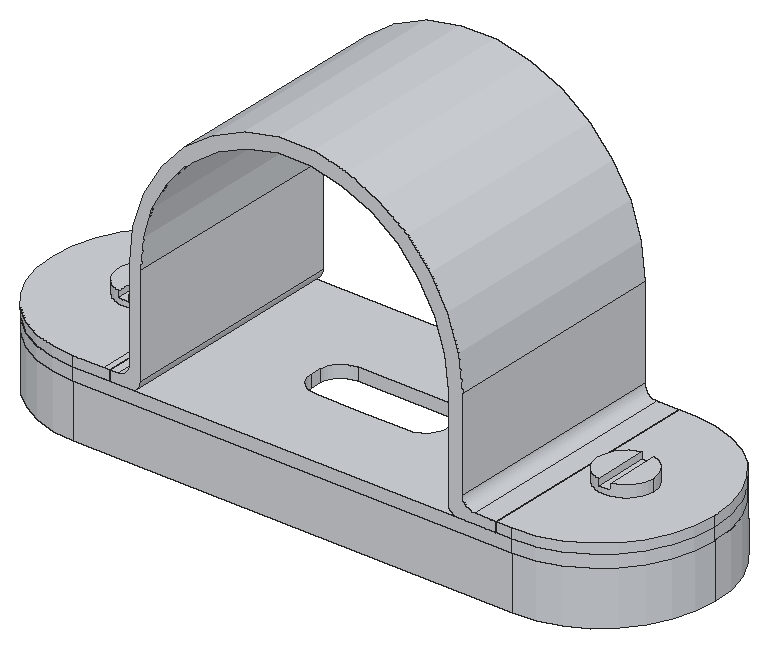
Revit family "SBS25WH", category Generic Models, Revit 2017
Family settings
  Can host rebar = No
  Round Connector Dimension = Use Diameter
  Part Type = Normal
  Work Plane-Based = Yes
  Always vertical = No
  Cut with Voids When Loaded = No
  Shared = No
  Room Calculation Point = No
Parameters (values of type "NBS Standard Parameters")
  Weight = "0.025Kg"
  WarrantyStartDate [instance] = "1900-12-31T23:59:59"
  WarrantyGuarantorParts = "n/a"
  WarrantyGuarantorLabor = "n/a"
  WarrantyDurationUnit = "year"
  WarrantyDurationParts = "n/a"
  WarrantyDurationLabor = "n/a"
  WarrantyDescription = "n/a"
  Version = "1"
  Uniclass2 = "Pr_65_70_11_20"
  TagNumber [instance] = "n/a"
  SustainabilityPerformance = "n/a"
  Size = "25mm"
  Shape = "n/a"
  SerialNumber [instance] = "n/a"
  Revision = "n/a"
  ReplacementCost = "n/a"
  ProductInformation = "www.metpro.co.uk/pdf/sbs25wh.pdf"
  NominalWidth = 22 mm
  NominalLength = 57 mm
  NominalHeight = 28 mm
  Name = ""
  NBSTypeID = ""
  NBSReference = "90-55-10/460"
  NBSOfficeMasterTag = ""
  NBSNote = ""
  NBSDescription = "Conduit Fittings"
  NBSCertification = ""
  ModelReference = "SBS25WH"
  ModelNumber = "n/a"
  Material = "Pressed Steel"
  ManufacturerURL = "www.metpro.co.uk"
  ManufacturerName = "Metpro Ltd"
  Keynote = "RoHs Compliant"
  InstallationDate [instance] = "1900-12-31T23:59:59"
  IfcExportType = ""
  IfcExportAs = ""
  Grade = "n/a"
  Finish = "White"
  Features = "n/a"
  ExpectedLife = "n/a"
  DurationUnit = "year"
  Description = "SBS25WH - 25mm Fire Resistant Spacer Bar Saddles."
  Default Elevation = 1219.2 mm
  Constituents = "n/a"
  Color = "n/a"
  CodePerformance = "n/a"
  Category = "n/a"
  BarCode [instance] = "n/a"
  BIMObjectName = "metpro_metprolibrary_conduitfittings_metalcomponents_steelaccessories"
  Author = "Metpro Ltd"
  AssetType = ""
  AssetIdentifier [instance] = "n/a"
  AccessibilityPerformance = "n/a"
Reference planes
  plane 1 "Center (Front/Back)": y = 0
  plane 2: z = 0
  plane 3 "Center (Left/Right)": x = 0
Forms (mm)
  Extrusion 1, solid
    sketch origin (0, 8.858, 9.642) x (1, 0, 0) y (0, 0, 1)
      loop
        line (12.5, 0) -> (12.5, -8.137)
        arc (12.5, -8.137) -> (12.734, -8.702) -> (13.3, -8.937) r 0.8
        line (13.3, -8.937) -> (16.361, -8.937) -> (16.361, -8.137) -> (14.599, -8.137)
        arc (14.599, -8.137) -> (13.908, -7.851) -> (13.622, -7.16) r 0.977
        line (13.622, -7.16) -> (13.622, 0.169)
        arc (13.622, 0.169) -> (0.122, 13.669) -> (-13.378, 0.169) r 13.5
        line (-13.378, 0.169) -> (-13.378, -7.165)
        arc (-13.378, -7.165) -> (-13.662, -7.852) -> (-14.35, -8.137) r 0.972
        line (-14.35, -8.137) -> (-15.468, -8.137) -> (-15.468, -8.953) -> (-13.355, -8.953)
        arc (-13.355, -8.953) -> (-12.75, -8.703) -> (-12.5, -8.099) r 0.855
        line (-12.5, -8.099) -> (-12.5, 0)
        arc (-12.5, 0) -> (0, 12.5) -> (12.5, 0) r 12.5
    from 0 to 18.5
  Extrusion 2, solid
    sketch origin (-23.542, 8.858, 0.689) x (0, -1, 0) y (-1, 0, 0)
      loop
        arc (18.5, -5.567) -> (15.772, 0.89) -> (9.241, 3.434) r 9.004
        arc (9.241, 3.434) -> (2.723, 0.894) -> (0, -5.55) r 8.987
        line (0, -5.55) -> (0, -41.224)
        arc (0, -41.224) -> (2.721, -47.666) -> (9.237, -50.206) r 8.986
        arc (9.237, -50.206) -> (15.771, -47.659) -> (18.5, -41.198) r 9.012
        line (18.5, -41.198) -> (18.5, -5.567)
      loop
        line (11.669, -23.542) -> (11.669, -19.735)
        arc (11.669, -19.735) -> (11.157, -18.499) -> (9.921, -17.987) r 1.748
        line (9.921, -17.987) -> (8.961, -17.987)
        arc (8.961, -17.987) -> (7.772, -18.48) -> (7.279, -19.67) r 1.683
        line (7.279, -19.67) -> (7.279, -27.345)
        arc (7.279, -27.345) -> (7.781, -28.557) -> (8.994, -29.06) r 1.715
        line (8.994, -29.06) -> (9.979, -29.06)
        arc (9.979, -29.06) -> (11.174, -28.565) -> (11.669, -27.37) r 1.69
        line (11.669, -27.37) -> (11.669, -23.542)
    from 0 to 1
  Extrusion 3, solid
    sketch origin (-23.542, 8.956, -0.311) x (0, -1, 0) y (1, 0, 0)
      loop
        line (18.5, 5.567) -> (18.5, 41.198)
        arc (18.5, 41.198) -> (15.771, 47.659) -> (9.237, 50.206) r 9.012
        arc (9.237, 50.206) -> (2.721, 47.666) -> (0, 41.224) r 8.986
        line (0, 41.224) -> (0, 5.55)
        arc (0, 5.55) -> (2.723, -0.894) -> (9.241, -3.434) r 8.987
        arc (9.241, -3.434) -> (15.772, -0.89) -> (18.5, 5.567) r 9.004
      loop
        line (17.5, 5.567) -> (17.5, 41.198)
        arc (17.5, 41.198) -> (15.064, 46.951) -> (9.237, 49.206) r 8.012
        arc (9.237, 49.206) -> (3.429, 46.959) -> (1, 41.224) r 7.986
        line (1, 41.224) -> (1, 5.55)
        arc (1, 5.55) -> (3.43, -0.187) -> (9.241, -2.433) r 7.987
        arc (9.241, -2.433) -> (15.065, -0.182) -> (17.5, 5.567) r 8.004
    from -4.441 to 0
  Extrusion 4, solid
    sketch origin (10.708, 8.858, 1.505) x (1, 0, 0) y (0, 1, 0)
      loop
        circle (8.769, -9.237) r 2.242
      loop
        circle (-30.191, -9.237) r 2.242
    from 0 to 0.948
  Extrusion 5, void
    sketch origin (10.708, 8.858, 2.454) x (0, 1, 0) y (1, 0, 0)
      loop
        line (-11.916, -29.82) -> (-11.916, -30.657) -> (-6.427, -30.657) -> (-6.427, -29.82) -> (-11.916, -29.82)
      loop
        line (-11.916, 8.318) -> (-6.283, 8.318) -> (-6.283, 9.317) -> (-11.916, 9.317) -> (-11.916, 8.318)
    from 0 to 0.5
  Extrusion 6, solid
    sketch origin (-13.378, 8.858, 1.505) x (-1, 0, 0) y (0, -1, 0)
      loop
        line (4.598, 18.5) -> (1.646, 18.5) -> (1.646, 0) -> (4.615, 0)
        arc (4.615, 0) -> (11.059, 2.723) -> (13.599, 9.241) r 8.987
        arc (13.599, 9.241) -> (11.054, 15.772) -> (4.598, 18.5) r 9.004
      loop
        line (-31.059, 0) -> (-28.144, 0) -> (-28.144, 18.5) -> (-31.033, 18.5)
        arc (-31.033, 18.5) -> (-37.494, 15.771) -> (-40.042, 9.237) r 9.012
        arc (-40.042, 9.237) -> (-37.501, 2.721) -> (-31.059, 0) r 8.986
    from 0 to -0.8
Cuts and joins
  Extrusion 5 cuts Extrusion 2
  Extrusion 5 cuts Extrusion 4
Dimensions and locks
  aligned and locked: level to plane 2
